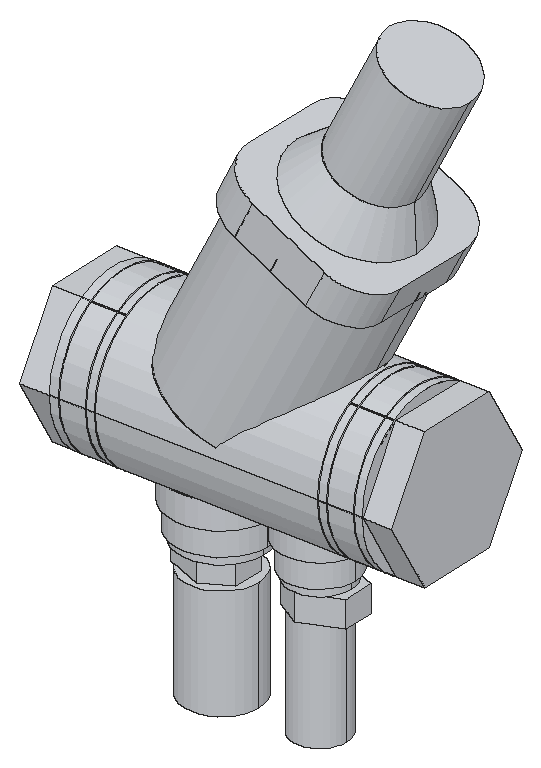
Revit family "Sigma_Compact_DN025_HF_RFA_2018", category Pipe Accessories, Revit 2018
Family settings
  Round Connector Dimension = Use Diameter
  Part Type = Valve - Breaks Into
  Work Plane-Based = No
  Always vertical = Yes
  Cut with Voids When Loaded = No
  Shared = No
Parameters (values of type "Sigma Compact DN 25 HF s měřením")
  magiProductId = "e5e5fa70e5f44115b8324bb7a2a437"
  magiProductFamilyId = "bfb31f54e1b64d079baf8cac8e8d7b"
  magiPartTypeId = 304
  isMeasuringValve [instance] = no
  ang2D [instance] = 0.00°
  Z6 = 27 mm
  Z5 = 63 mm
  Z4 = 54 mm
  Z3 = 9 mm
  Z2 = 45 mm
  XR2 = 25 mm
  XR1 = 13 mm
  W2D = 15 mm
  VersionID = "2.0/2018.12.13.2/FRESE_SIGMA_PLUG_Q13_001"
  Use Minimum Symbol Size [instance] = no
  URL = "www.hydronic.cz"
  Type Comments = "závitový; vnitřní závit; PN25; max dp=400kPa; -10~+120°C; max uzavírací tlak 1MPa"
  R4 = 15 mm
  R3 = 10 mm
  R2 = 18 mm
  R1 = 19 mm
  QmdConnectorList = "301;D;302;D"
  Productdata [instance] = ""
  NL__ve = -NL  # -16.6 mm
  NL = 16.6 mm
  Manufacturer = "Hydronic Systems Prague s.r.o."
  MC Use Limits From Balancing Method = no
  MC Throttling Minimum Value = 0
  MC Throttling Maximum Value = 0
  MC Product Code = "53-2209 DN25 FF s měřením; (137-2400 l/h); kvs=4,2"
  MC Pressure Drop Minimum Value = 0.0 Pa
  MC Pressure Drop Maximum Value = 0.0 Pa
  MC Piping Given Pressure Drop [instance] = 0.0 Pa
  M5 = 34.9 mm
  M4 = 32.9 mm
  M3 = 26.9 mm
  M2 = 24.9 mm
  LP = 41.5 mm
  LM = 49.8 mm
  LL__ve = -LL  # -5.9 mm
  LLT__ve = -LLT  # -16.3 mm
  LLT = 16.3 mm
  LLL = 9 mm
  LL3 = 41 mm
  LL2 = 34 mm
  LL = 5.9 mm
  L3 = 11 mm
  L2D_Min = 30.48 mm
  L2D = 65 mm
  Description = "Automatický vyvažovací ventil"
  DR1 = no
  DR0 = yes
  DL2 = 66 mm
  D = 25 mm
  CenSd_R2_6 = R2 * cos(30.00°)  # 15.588 mm
  CAT0 = yes
  C0D1 = no
  C0D0 = yes
Types (3, lengths in mm): name | magiProductId | Z6 | Z5 | Z4 | Z3 | Z2 | R2 | NL__ve | NL | MC Product Code | M5 | M4 | M3 | M2 | LP | LM | LL__ve | LLT__ve | LLT | LLL | LL2 | LL | D | CenSd_R2_6
  Sigma Compact DN 15 HF s měřením | "5720d023926c42d59d57912da161fc" | 26.1 | 60.9 | 52.2 | 8.7 | 43.5 | 14 | -15 | 15 | "53-2201 DN15 FF s měřením; (60-1080 l/h); kvs=2,6" | 32.5 | 30.5 | 24.5 | 22.5 | 37.5 | 45 | -5.7 | -14.9 | 14.9 | 11 | 32 | 5.7 | 15 | 12.124
  Sigma Compact DN 20 HF s měřením | "71a172a3e93b42a69d546b1c4edcaf" | 26.1 | 60.9 | 52.2 | 8.7 | 43.5 | 14 | -15.8 | 15.8 | "53-2203 DN20 FF s měřením; (102-1930 l/h); kvs=4,0" | 33.7 | 31.7 | 25.7 | 23.7 | 39.5 | 47.4 | -5.7 | -14.9 | 14.9 | 11 | 32 | 5.7 | 20 | 12.124
  Sigma Compact DN 25 HF s měřením | "e5e5fa70e5f44115b8324bb7a2a437" | 27 | 63 | 54 | 9 | 45 | 18 | -16.6 | 16.6 | "53-2209 DN25 FF s měřením; (137-2400 l/h); kvs=4,2" | 34.9 | 32.9 | 26.9 | 24.9 | 41.5 | 49.8 | -5.9 | -16.3 | 16.3 | 9 | 34 | 5.9 | 25 | 15.588
Reference planes
  plane 1 "Center (Front/Back)": y = 0
  plane 2 "XYPLANE": z = 0
  plane 3 "Center (Left/Right)": x = 0
  plane 4 "408": x = 41.5
  plane 5 "407": x = -41.5
  plane 6 "404": z = -35.1
  plane 7 "403": z = -41
  plane 8 "402": z = -66
  plane 9 "213": x = -11
  plane 10 "168": z = -12.3
  plane 11 "167": z = -14.3
  plane 12 "166": z = -20.2
  plane 13 "165": z = -26.1
  plane 14 "164": z = -28.1
  plane 15 "154": z = 0
  plane 16 "152": y = 0
  plane 17 "151": z = -34
  plane 18 "150": x = 11
  plane 19 "75": through (318.218, 0, 679.605) normal (0.891, 0, -0.454)
  plane 20 "74": x = 34.9
  plane 21 "73": x = 32.9
  plane 22 "72": x = 26.9
  plane 23 "71": x = 24.9
  plane 24 "70": x = -34.9
  plane 25 "69": x = -32.9
  plane 26 "68": x = -26.9
  plane 27 "67": y = 0
  plane 28 "66": through (-666.893, 0, 343.166) normal (0.454, 0, 0.891)
  plane 29 "65": x = -24.9
  plane 30 "64": through (335.147, 0, 670.979) normal (0.891, 0, -0.454)
  plane 31 "63": through (-647.825, 0, 380.588) normal (0.454, 0, 0.891)
  plane 32 "62": through (352.076, 0, 662.353) normal (0.891, 0, -0.454)
  plane 33 "61": y = 19
  plane 34 "60": y = -19
  plane 35 "59": through (-643.739, 0, 388.607) normal (0.454, 0, 0.891)
  plane 36 "58": through (-639.653, 0, 396.626) normal (0.454, 0, 0.891)
  plane 37 "56": x = 0
  plane 38 "55": through (-668.255, 0, 340.493) normal (0.454, 0, 0.891)
  plane 39 "102XY": through (-668.255, 0, 340.493) normal (0.454, 0, 0.891)
  plane 40 "102XZ": y = 0
  plane 41 "102YZ": through (340.493, 0, 668.255) normal (0.891, 0, -0.454)
Forms (mm)
  Extrusion 1, solid
    sketch origin (41.5, -750, 0) x (0, 1, 0) y (0, 0, 1)
      loop
        line (768, 0) -> (759, 15.588) -> (741, 15.588) -> (732, 0) -> (741, -15.588) -> (759, -15.588) -> (768, 0)
    from 0 to -16.6 <- "NL__ve"
  Extrusion 2, solid
    sketch origin (-41.5, -750, 0) x (0, 1, 0) y (0, 0, 1)
      loop
        line (732, 0) -> (741, -15.588) -> (759, -15.588) -> (768, 0) -> (759, 15.588) -> (741, 15.588) -> (732, 0)
    from 0 to 16.6 <- "NL"
  Extrusion 3, solid, visible <- "C0D1"
    sketch origin (-750, 0, -66) x (1, 0, 0) y (0, 1, 0)
      loop
        circle (739, 0) r 9.4
    from 0 to 50
  Extrusion 4, solid, visible <- "DR1"
    sketch origin (-750, 0, -35.1) x (1, 0, 0) y (0, 1, 0)
      loop
        line (739, -8) -> (745.928, -4) -> (745.928, 4) -> (739, 8) -> (729.672, 4) -> (729.672, -4) -> (739, -8)
    from 0 to -5.9 <- "LL__ve"
  Extrusion 5, solid, visible <- "DR1"
    sketch origin (-750, 0, -35.1) x (1, 0, 0) y (0, 1, 0)
      loop
        circle (739, 0) r 10.4
    from 0 to 9 <- "LLL"
  Extrusion 6, solid, visible <- "DR1"
    sketch origin (-750, 0, -26.1) x (1, 0, 0) y (0, 1, 0)
      loop
        circle (739, 0) r 11.4
    from 0 to 5.9 <- "LL"
  Extrusion 7, solid, visible <- "DR1"
    sketch origin (-750, 0, -20.2) x (1, 0, 0) y (0, 1, 0)
      loop
        circle (739, 0) r 12.4
    from 0 to 5.9 <- "LL"
  Blend 8, solid, visible <- "DR1"
    base sketch origin (-750, 0, -12.3) x (1, 0, 0) y (0, 1, 0)
      loop
        circle (739, 0) r 9.9
    top sketch origin (-750, 0, -12.3) x (1, 0, 0) y (0, 1, 0)
      loop
        circle (739, 0) r 12.4
    from 0 to -2
  Extrusion 9, solid, visible <- "DR1"
    sketch origin (-750, 0, 0) x (1, 0, 0) y (0, 1, 0)
      loop
        circle (739, 0) r 9.9
    from 0 to -16.3 <- "LLT__ve"
  Extrusion 10, solid, visible <- "C0D0"
    sketch origin (-750, 0, -34) x (1, 0, 0) y (0, 1, 0)
      loop
        circle (739, 0) r 8.4
    from 0 to -25
  Extrusion 11, solid, visible <- "DR0"
    sketch origin (-750, 0, -28.1) x (1, 0, 0) y (0, 1, 0)
      loop
        line (739, -7) -> (745.062, -3.5) -> (745.062, 3.5) -> (739, 7) -> (730.538, 3.5) -> (730.538, -3.5) -> (739, -7)
    from 0 to -5.9 <- "LL__ve"
  Extrusion 12, solid, visible <- "DR0"
    sketch origin (-750, 0, -28.1) x (1, 0, 0) y (0, 1, 0)
      loop
        circle (739, 0) r 9.4
    from 0 to 2
  Extrusion 13, solid, visible <- "DR0"
    sketch origin (-750, 0, -20.2) x (1, 0, 0) y (0, 1, 0)
      loop
        circle (739, 0) r 11.4
    from 0 to 5.9 <- "LL"
  Blend 14, solid, visible <- "DR0"
    base sketch origin (-750, 0, -12.3) x (1, 0, 0) y (0, 1, 0)
      loop
        circle (739, 0) r 8.9
    top sketch origin (-750, 0, -12.3) x (1, 0, 0) y (0, 1, 0)
      loop
        circle (739, 0) r 11.4
    from 0 to -2
  Extrusion 15, solid, visible <- "DR0"
    sketch origin (-750, 0, 0) x (1, 0, 0) y (0, 1, 0)
      loop
        circle (739, 0) r 8.9
    from 0 to -16.3 <- "LLT__ve"
  Extrusion 16, solid, visible <- "DR0"
    sketch origin (-750, 0, 0) x (1, 0, 0) y (0, 1, 0)
      loop
        circle (739, 0) r 8.9
    from 0 to -16.3 <- "LLT__ve"
  Blend 17, solid, visible <- "DR0"
    base sketch origin (-750, 0, -12.3) x (1, 0, 0) y (0, 1, 0)
      loop
        circle (739, 0) r 8.9
    top sketch origin (-750, 0, -12.3) x (1, 0, 0) y (0, 1, 0)
      loop
        circle (739, 0) r 11.4
    from 0 to -2
  Extrusion 18, solid, visible <- "DR0"
    sketch origin (-750, 0, -20.2) x (1, 0, 0) y (0, 1, 0)
      loop
        circle (739, 0) r 11.4
    from 0 to 5.9 <- "LL"
  Extrusion 19, solid, visible <- "DR0"
    sketch origin (-750, 0, -26.1) x (1, 0, 0) y (0, 1, 0)
      loop
        circle (739, 0) r 10.4
    from 0 to 5.9 <- "LL"
  Extrusion 20, solid, visible <- "DR0"
    sketch origin (-750, 0, -28.1) x (1, 0, 0) y (0, 1, 0)
      loop
        circle (739, 0) r 9.4
    from 0 to 2
  Extrusion 21, solid, visible <- "DR0"
    sketch origin (-750, 0, -28.1) x (1, 0, 0) y (0, 1, 0)
      loop
        line (739, -7) -> (745.062, -3.5) -> (745.062, 3.5) -> (739, 7) -> (730.538, 3.5) -> (730.538, -3.5) -> (739, -7)
    from 0 to -5.9 <- "LL__ve"
  Extrusion 22, solid, visible <- "C0D0"
    sketch origin (-750, 0, -34) x (1, 0, 0) y (0, 1, 0)
      loop
        circle (739, 0) r 8.4
    from 0 to -25
  Extrusion 23, solid, visible <- "CAT0"
    sketch origin (-750, 0, -34) x (1, 0, 0) y (0, 1, 0)
      loop
        circle (761, 0) r 6
    from 0 to -25
  Extrusion 24, solid
    sketch origin (-750, 0, -28.1) x (1, 0, 0) y (0, 1, 0)
      loop
        line (761, -7) -> (769.462, -3.5) -> (769.462, 3.5) -> (761, 7) -> (754.938, 3.5) -> (754.938, -3.5) -> (761, -7)
    from 0 to -5.9 <- "LL__ve"
  Extrusion 25, solid
    sketch origin (-750, 0, -28.1) x (1, 0, 0) y (0, 1, 0)
      loop
        circle (761, 0) r 7
    from 0 to 2
  Extrusion 26, solid
    sketch origin (-750, 0, -26.1) x (1, 0, 0) y (0, 1, 0)
      loop
        circle (761, 0) r 8
    from 0 to 5.9 <- "LL"
  Extrusion 27, solid
    sketch origin (-750, 0, -20.2) x (1, 0, 0) y (0, 1, 0)
      loop
        circle (761, 0) r 9
    from 0 to 5.9 <- "LL"
  Blend 28, solid
    base sketch origin (-750, 0, -12.3) x (1, 0, 0) y (0, 1, 0)
      loop
        circle (761, 0) r 6.5
    top sketch origin (-750, 0, -12.3) x (1, 0, 0) y (0, 1, 0)
      loop
        circle (761, 0) r 9
    from 0 to -2
  Extrusion 29, solid
    sketch origin (-750, 0, 0) x (1, 0, 0) y (0, 1, 0)
      loop
        circle (761, 0) r 6.5
    from 0 to -16.3 <- "LLT__ve"
  Blend 30, solid, visible <- "CAT0"
    base sketch origin (32.9, -750, 0) x (0, 1, 0) y (0, 0, 1)
      loop
        circle (750, 0) r 18
    top sketch origin (32.9, -750, 0) x (0, 1, 0) y (0, 0, 1)
      loop
        circle (750, 0) r 18
    from 0 to 2
  Extrusion 31, solid, visible <- "CAT0"
    sketch origin (26.9, -750, 0) x (0, 1, 0) y (0, 0, 1)
      loop
        circle (750, 0) r 18
    from 0 to 6
  Blend 32, solid, visible <- "CAT0"
    base sketch origin (24.9, -750, 0) x (0, 1, 0) y (0, 0, 1)
      loop
        circle (750, 0) r 18
    top sketch origin (24.9, -750, 0) x (0, 1, 0) y (0, 0, 1)
      loop
        circle (750, 0) r 18
    from 0 to 2
  Blend 33, solid, visible <- "CAT0"
    base sketch origin (-32.9, -750, 0) x (0, 1, 0) y (0, 0, 1)
      loop
        circle (750, 0) r 18
    top sketch origin (-32.9, -750, 0) x (0, 1, 0) y (0, 0, 1)
      loop
        circle (750, 0) r 18
    from 0 to -2
  Extrusion 34, solid, visible <- "CAT0"
    sketch origin (-32.9, -750, 0) x (0, 1, 0) y (0, 0, 1)
      loop
        circle (750, 0) r 18
    from 0 to 6
  Blend 35, solid, visible <- "CAT0"
    base sketch origin (-26.9, -750, 0) x (0, 1, 0) y (0, 0, 1)
      loop
        circle (750, 0) r 18
    top sketch origin (-26.9, -750, 0) x (0, 1, 0) y (0, 0, 1)
      loop
        circle (750, 0) r 18
    from 0 to 2
  Extrusion 36, solid, visible <- "CAT0"
    sketch origin (-24.9, -750, 0) x (0, 1, 0) y (0, 0, 1)
      loop
        circle (750, 0) r 18
    from 0 to 49.8 <- "LM"
  Extrusion 37, solid, visible <- "CAT0"
    sketch origin (-666.893, 0, 343.166) x (0.891007, 0, -0.45399) y (0, 1, 0)
      loop
        circle (744, 0) r 19
    from 0 to 45 <- "Z2"
  Extrusion 38, solid, visible <- "CAT0"
    sketch origin (-647.825, 0, 380.588) x (0.891007, 0, -0.45399) y (0, 1, 0)
      loop
        arc (735, 19) -> (727.929, 16.071) -> (725, 9) r 10
        line (725, 9) -> (725, -9)
        arc (725, -9) -> (727.929, -16.071) -> (735, -19) r 10
        line (735, -19) -> (753, -19)
        arc (753, -19) -> (760.071, -16.071) -> (763, -9) r 10
        line (763, -9) -> (763, 9)
        arc (763, 9) -> (760.071, 16.071) -> (753, 19) r 10
        line (753, 19) -> (735, 19)
    from 0 to 9 <- "Z3"
  Blend 39, solid, visible <- "CAT0"
    base sketch origin (-643.739, 0, 388.607) x (0.891007, 0, -0.45399) y (0, 1, 0)
      loop
        circle (744, 0) r 15
    top sketch origin (-643.739, 0, 388.607) x (0.891007, 0, -0.45399) y (0, 1, 0)
      loop
        circle (744, 0) r 10
    from 0 to 9
  Extrusion 40, solid, visible <- "CAT0"
    sketch origin (-639.653, 0, 396.626) x (0.891007, 0, -0.45399) y (0, 1, 0)
      loop
        circle (744, 0) r 10
    from 0 to 27 <- "Z6"
  Blend 41, solid, visible <- "CAT0"
    base sketch origin (-668.255, 0, 340.493) x (0.891007, 0, -0.45399) y (0, 1, 0)
      loop
        circle (744, 0) r 15
    top sketch origin (-668.255, 0, 340.493) x (0.891007, 0, -0.45399) y (0, 1, 0)
      loop
        circle (744, 0) r 19
    from 0 to 3
  Extrusion 42, solid, not visible
    sketch origin (-34.9, -750, 0) x (0, 1, 0) y (0, 0, 1)
      loop
        circle (750, 0) r 10
    from 0 to 10
  Extrusion 43, solid, not visible
    sketch origin (34.9, -750, 0) x (0, 1, 0) y (0, 0, 1)
      loop
        circle (750, 0) r 10
    from 0 to -10
Lines and regions (mm)
  reference lines, not visible
    curve 1: circle (2, 2, 0) r 1 normal (0, 0, 1)
  reference lines
    curve 2: line (41.5, 0, 0) -> (41.5, -3.5, 6.062)
    curve 3: line (41.5, 0, 0) -> (41.5, -7, 0)
    curve 4: line (41.5, 0, 0) -> (41.5, -3.5, -6.062)
    curve 5: line (-41.5, 0, 0) -> (-41.5, 3.5, 6.062)
    curve 6: line (-41.5, 0, 0) -> (-41.5, 7, 0)
    curve 7: line (-41.5, 0, 0) -> (-41.5, 3.5, -6.062)
Dimensions and locks
  plane 1 "Center (Front/Back)" to curve 1 = 2 mm
  "LP": plane 37 "56" to plane 4 "408"
  "LP": plane 37 "56" to plane 5 "407"
  "LL": plane 7 "403" to plane 6 "404"
  "LL3": plane 2 "XYPLANE" to plane 7 "403"
  "DL2": plane 2 "XYPLANE" to plane 8 "402"
  "L3": plane 3 "Center (Left/Right)" to plane 9 "213"
  locked: plane 11 "167" to plane 10 "168" at 2
  "LL": plane 12 "166" to plane 11 "167"
  "LL": plane 13 "165" to plane 12 "166"
  locked: plane 14 "164" to plane 13 "165" at 2
  "LL": plane 17 "151" to plane 14 "164"
  locked: plane 2 "XYPLANE" to plane 15 "154"
  locked: plane 1 "Center (Front/Back)" to plane 16 "152"
  "LL2": plane 2 "XYPLANE" to plane 17 "151"
  "L3": plane 3 "Center (Left/Right)" to plane 18 "150"
  "XR2": plane 41 "102YZ" to plane 19 "75"
  "M5": plane 3 "Center (Left/Right)" to plane 20 "74"
  "M4": plane 3 "Center (Left/Right)" to plane 21 "73"
  "M3": plane 3 "Center (Left/Right)" to plane 22 "72"
  "M2": plane 3 "Center (Left/Right)" to plane 23 "71"
  "M5": plane 3 "Center (Left/Right)" to plane 24 "70"
  "M4": plane 3 "Center (Left/Right)" to plane 25 "69"
  "M3": plane 3 "Center (Left/Right)" to plane 26 "68"
  locked: plane 16 "152" to plane 27 "67"
  locked: plane 39 "102XY" to plane 28 "66" at 3
  "M2": plane 3 "Center (Left/Right)" to plane 29 "65"
  locked: plane 41 "102YZ" to plane 30 "64" at 6
  "Z2": plane 39 "102XY" to plane 31 "63"
  "XR1": plane 41 "102YZ" to plane 32 "62"
  "R1": plane 16 "152" to plane 33 "61"
  "R1": plane 16 "152" to plane 34 "60"
  "Z4": plane 39 "102XY" to plane 35 "59"
  "Z5": plane 39 "102XY" to plane 36 "58"
  locked: plane 3 "Center (Left/Right)" to plane 37 "56"
  locked: plane 39 "102XY" to plane 38 "55"
  "CenSd_R2_6": curve 2 to Extrusion 1 sketch curve  (x2)
  "CenSd_R2_6": curve 3 to Extrusion 1 sketch curve  (x2)
  "CenSd_R2_6": curve 4 to Extrusion 1 sketch curve  (x2)
  Extrusion 1 sketch curve to Extrusion 1 sketch curve = 0 mm  (x12)
  "CenSd_R2_6": curve 5 to Extrusion 2 sketch curve  (x2)
  "CenSd_R2_6": curve 6 to Extrusion 2 sketch curve  (x2)
  "CenSd_R2_6": curve 7 to Extrusion 2 sketch curve  (x2)
  Extrusion 2 sketch curve to Extrusion 2 sketch curve = 0 mm  (x12)
  Extrusion 4 sketch curve to Extrusion 4 sketch curve = 0 mm  (x12)
  Extrusion 11 sketch curve to Extrusion 11 sketch curve = 0 mm  (x12)
  Extrusion 21 sketch curve to Extrusion 21 sketch curve = 0 mm  (x12)
  Extrusion 24 sketch curve to Extrusion 24 sketch curve = 0 mm  (x12)
  Extrusion 38 sketch curve to Extrusion 38 sketch curve = 0 mm  (x16)
  "R2": radius of Blend 30 sketch curve  (x2)
  "R2": radius of Extrusion 31 sketch curve
  "R2": radius of Blend 32 sketch curve  (x2)
  "R2": radius of Blend 33 sketch curve  (x2)
  "R2": radius of Extrusion 34 sketch curve
  "R2": radius of Blend 35 sketch curve  (x2)
  "R2": radius of Extrusion 36 sketch curve
  "R1": radius of Extrusion 37 sketch curve
  radius of Extrusion 38 sketch curve = 10 mm  (x4)
  "R3": radius of Blend 39 sketch curve
  "R4": radius of Blend 39 sketch curve
  "R3": radius of Extrusion 40 sketch curve
  "R1": radius of Blend 41 sketch curve
  locked: curve 3 to curve 2 (angle 60.00°)
  locked: curve 4 to curve 3 (angle 60.00°)
  locked: curve 4 to curve 2 (angle 120.00°)
  locked: curve 6 to curve 5 (angle 60.00°)
  locked: curve 7 to curve 6 (angle 60.00°)
  locked: curve 7 to curve 5 (angle 120.00°)
  aligned and locked: level to plane 2 "XYPLANE"
  aligned and locked: plane 15 "154" to curve 4
  aligned and locked: curve 4 to plane 16 "152"
  aligned and locked: plane 15 "154" to curve 7
  aligned and locked: curve 7 to plane 16 "152"
  aligned and locked: plane 9 "213" to Extrusion 3 sketch curve
  aligned and locked: plane 16 "152" to Extrusion 3 sketch curve
  aligned and locked: plane 9 "213" to Extrusion 5 sketch curve
  aligned and locked: plane 16 "152" to Extrusion 5 sketch curve
  aligned and locked: plane 9 "213" to Extrusion 6 sketch curve
  aligned and locked: plane 16 "152" to Extrusion 6 sketch curve
  aligned and locked: plane 9 "213" to Extrusion 7 sketch curve
  aligned and locked: plane 16 "152" to Extrusion 7 sketch curve
  aligned and locked: plane 9 "213" to Blend 8 sketch curve  (x2)
  aligned and locked: plane 16 "152" to Blend 8 sketch curve  (x2)
  aligned and locked: Blend 8 to plane 11 "167"
  aligned and locked: plane 9 "213" to Extrusion 9 sketch curve
  aligned and locked: plane 16 "152" to Extrusion 9 sketch curve
  aligned and locked: plane 9 "213" to Extrusion 10 sketch curve
  aligned and locked: plane 16 "152" to Extrusion 10 sketch curve
  aligned and locked: plane 9 "213" to Extrusion 12 sketch curve
  aligned and locked: plane 16 "152" to Extrusion 12 sketch curve
  aligned and locked: plane 9 "213" to Extrusion 13 sketch curve
  aligned and locked: plane 16 "152" to Extrusion 13 sketch curve
  aligned and locked: plane 9 "213" to Blend 14 sketch curve  (x2)
  aligned and locked: plane 16 "152" to Blend 14 sketch curve  (x2)
  aligned and locked: Blend 14 to plane 11 "167"
  aligned and locked: plane 9 "213" to Extrusion 15 sketch curve
  aligned and locked: plane 16 "152" to Extrusion 15 sketch curve
  aligned and locked: plane 9 "213" to Extrusion 16 sketch curve
  aligned and locked: plane 16 "152" to Extrusion 16 sketch curve
  aligned and locked: plane 9 "213" to Blend 17 sketch curve  (x2)
  aligned and locked: plane 16 "152" to Blend 17 sketch curve  (x2)
  aligned and locked: Blend 17 to plane 11 "167"
  aligned and locked: plane 9 "213" to Extrusion 18 sketch curve
  aligned and locked: plane 16 "152" to Extrusion 18 sketch curve
  aligned and locked: plane 9 "213" to Extrusion 19 sketch curve
  aligned and locked: plane 16 "152" to Extrusion 19 sketch curve
  aligned and locked: plane 9 "213" to Extrusion 20 sketch curve
  aligned and locked: plane 16 "152" to Extrusion 20 sketch curve
  aligned and locked: plane 9 "213" to Extrusion 22 sketch curve
  aligned and locked: plane 16 "152" to Extrusion 22 sketch curve
  aligned and locked: plane 16 "152" to Extrusion 23 sketch curve
  aligned and locked: plane 18 "150" to Extrusion 23 sketch curve
  aligned and locked: plane 16 "152" to Extrusion 25 sketch curve
  aligned and locked: plane 18 "150" to Extrusion 25 sketch curve
  aligned and locked: plane 16 "152" to Extrusion 26 sketch curve
  aligned and locked: plane 18 "150" to Extrusion 26 sketch curve
  aligned and locked: plane 16 "152" to Extrusion 27 sketch curve
  aligned and locked: plane 18 "150" to Extrusion 27 sketch curve
  aligned and locked: plane 16 "152" to Blend 28 sketch curve  (x2)
  aligned and locked: plane 18 "150" to Blend 28 sketch curve  (x2)
  aligned and locked: Blend 28 to plane 11 "167"
  aligned and locked: plane 16 "152" to Extrusion 29 sketch curve
  aligned and locked: plane 18 "150" to Extrusion 29 sketch curve
  aligned and locked: plane 15 "154" to Blend 30 sketch curve  (x2)
  aligned and locked: Blend 30 sketch curve to plane 16 "152"  (x2)
  aligned and locked: plane 20 "74" to Blend 30
  aligned and locked: plane 15 "154" to Extrusion 31 sketch curve
  aligned and locked: Extrusion 31 sketch curve to plane 16 "152"
  aligned and locked: plane 15 "154" to Blend 32 sketch curve  (x2)
  aligned and locked: Blend 32 sketch curve to plane 16 "152"  (x2)
  aligned and locked: plane 22 "72" to Blend 32
  aligned and locked: plane 15 "154" to Blend 33 sketch curve  (x2)
  aligned and locked: Blend 33 sketch curve to plane 16 "152"  (x2)
  aligned and locked: Blend 33 to plane 24 "70"
  aligned and locked: plane 15 "154" to Extrusion 34 sketch curve
  aligned and locked: Extrusion 34 sketch curve to plane 16 "152"
  aligned and locked: plane 15 "154" to Blend 35 sketch curve  (x2)
  aligned and locked: Blend 35 sketch curve to plane 16 "152"  (x2)
  aligned and locked: plane 29 "65" to Blend 35
  aligned and locked: plane 15 "154" to Extrusion 36 sketch curve
  aligned and locked: Extrusion 36 sketch curve to plane 16 "152"
  aligned and locked: plane 27 "67" to Extrusion 37 sketch curve
  aligned and locked: Extrusion 37 sketch curve to plane 30 "64"
  aligned and locked: Extrusion 38 sketch curve to plane 19 "75"
  aligned and locked: Extrusion 38 sketch curve to plane 34 "60"
  aligned and locked: Extrusion 38 sketch curve to plane 32 "62"
  aligned and locked: plane 33 "61" to Extrusion 38 sketch curve
  aligned and locked: plane 27 "67" to Blend 39 sketch curve  (x2)
  aligned and locked: Blend 39 sketch curve to plane 30 "64"  (x2)
  aligned and locked: plane 36 "58" to Blend 39
  aligned and locked: plane 27 "67" to Extrusion 40 sketch curve
  aligned and locked: Extrusion 40 sketch curve to plane 30 "64"
  aligned and locked: plane 27 "67" to Blend 41 sketch curve  (x2)
  aligned and locked: Blend 41 sketch curve to plane 30 "64"  (x2)
  aligned and locked: plane 28 "66" to Blend 41
  aligned and locked: plane 15 "154" to Extrusion 42 sketch curve
  aligned and locked: Extrusion 42 sketch curve to plane 16 "152"
  aligned and locked: plane 15 "154" to Extrusion 43 sketch curve
  aligned and locked: Extrusion 43 sketch curve to plane 16 "152"
Automatic sketch dimensions
  plane 29 "65" to Extrusion 3 sketch curve = 4.5 mm
  Extrusion 4 sketch curve to plane 9 "213" = 0 mm  (x2)
  plane 29 "65" to Extrusion 4 sketch curve = 4.572 mm
  Extrusion 4 sketch curve to plane 3 "Center (Left/Right)" = 4.072 mm
  plane 1 "Center (Front/Back)" to Extrusion 4 sketch curve = 8 mm
  plane 1 "Center (Front/Back)" to Extrusion 4 sketch curve = 4 mm  (x2)
  Extrusion 4 sketch curve to plane 1 "Center (Front/Back)" = 4 mm  (x2)
  Extrusion 4 sketch curve to Extrusion 4 sketch curve = 4 mm
  plane 29 "65" to Extrusion 5 sketch curve = 3.5 mm
  plane 29 "65" to Extrusion 6 sketch curve = 2.5 mm
  plane 29 "65" to Extrusion 7 sketch curve = 1.5 mm
  plane 29 "65" to Blend 8 sketch curve = 4 mm
  plane 29 "65" to Blend 8 sketch curve = 1.5 mm
  plane 29 "65" to Extrusion 9 sketch curve = 4 mm
  plane 29 "65" to Extrusion 10 sketch curve = 5.5 mm
  Extrusion 11 sketch curve to plane 9 "213" = 0 mm  (x2)
  plane 29 "65" to Extrusion 11 sketch curve = 5.438 mm
  Extrusion 11 sketch curve to plane 3 "Center (Left/Right)" = 4.938 mm
  plane 1 "Center (Front/Back)" to Extrusion 11 sketch curve = 7 mm
  plane 1 "Center (Front/Back)" to Extrusion 11 sketch curve = 3.5 mm  (x2)
  Extrusion 11 sketch curve to plane 1 "Center (Front/Back)" = 3.5 mm  (x2)
  Extrusion 11 sketch curve to Extrusion 11 sketch curve = 3.5 mm
  plane 29 "65" to Extrusion 12 sketch curve = 4.5 mm
  plane 29 "65" to Extrusion 13 sketch curve = 2.5 mm
  plane 29 "65" to Blend 14 sketch curve = 5 mm
  plane 29 "65" to Blend 14 sketch curve = 2.5 mm
  plane 29 "65" to Extrusion 15 sketch curve = 5 mm
  plane 29 "65" to Extrusion 16 sketch curve = 5 mm
  plane 29 "65" to Blend 17 sketch curve = 5 mm
  plane 29 "65" to Blend 17 sketch curve = 2.5 mm
  plane 29 "65" to Extrusion 18 sketch curve = 2.5 mm
  plane 29 "65" to Extrusion 19 sketch curve = 3.5 mm
  plane 29 "65" to Extrusion 20 sketch curve = 4.5 mm
  Extrusion 21 sketch curve to plane 9 "213" = 0 mm  (x2)
  plane 29 "65" to Extrusion 21 sketch curve = 5.438 mm
  Extrusion 21 sketch curve to plane 3 "Center (Left/Right)" = 4.938 mm
  plane 1 "Center (Front/Back)" to Extrusion 21 sketch curve = 7 mm
  plane 1 "Center (Front/Back)" to Extrusion 21 sketch curve = 3.5 mm  (x2)
  Extrusion 21 sketch curve to plane 1 "Center (Front/Back)" = 3.5 mm  (x2)
  Extrusion 21 sketch curve to Extrusion 21 sketch curve = 3.5 mm
  plane 29 "65" to Extrusion 22 sketch curve = 5.5 mm
  plane 3 "Center (Left/Right)" to Extrusion 23 sketch curve = 5 mm
  Extrusion 24 sketch curve to plane 18 "150" = 0 mm  (x2)
  plane 3 "Center (Left/Right)" to Extrusion 24 sketch curve = 4.938 mm
  Extrusion 24 sketch curve to plane 23 "71" = 5.438 mm
  plane 1 "Center (Front/Back)" to Extrusion 24 sketch curve = 7 mm
  plane 1 "Center (Front/Back)" to Extrusion 24 sketch curve = 3.5 mm  (x2)
  Extrusion 24 sketch curve to plane 1 "Center (Front/Back)" = 3.5 mm  (x2)
  Extrusion 24 sketch curve to Extrusion 24 sketch curve = 3.5 mm
  plane 3 "Center (Left/Right)" to Extrusion 25 sketch curve = 4 mm
  plane 3 "Center (Left/Right)" to Extrusion 26 sketch curve = 3 mm
  plane 3 "Center (Left/Right)" to Extrusion 27 sketch curve = 2 mm
  plane 3 "Center (Left/Right)" to Blend 28 sketch curve = 4.5 mm
  plane 3 "Center (Left/Right)" to Blend 28 sketch curve = 2 mm
  plane 3 "Center (Left/Right)" to Extrusion 29 sketch curve = 4.5 mm
  plane 19 "75" to Blend 41 sketch curve = 4 mm
  plane 34 "60" to Extrusion 42 sketch curve = 9 mm
  plane 34 "60" to Extrusion 43 sketch curve = 9 mm
  plane 3 "Center (Left/Right)" to curve 1 = 2 mm
  radius of curve 1 = 1 mm
Connectors
  piping at (-34.9, 0, 0), diameter 25, driven by "D"
    settings: on Extrusion 42, index 1, connector inside diameter 609.6 mm, connector length 0 mm, flow factor 0, pipe flow 0.0 L/s, pressure drop 0.0 Pa, fitting loss kfactor 0, connector angle 0.00°, fixture units 0, engagement length 0 mm, angle of deflection 0.00°, flow configuration 0, flow direction 0, fitting loss method 0, system type 29, joint type 0, gender type 0, connector reference index 2, connector utility 0, adjustable connector no, is connector primary yes, connector description ""
  piping at (34.9, 0, 0), diameter 25, driven by "D"
    settings: on Extrusion 43, index 2, connector inside diameter 609.6 mm, connector length 0 mm, flow factor 0, pipe flow 0.0 L/s, pressure drop 0.0 Pa, fitting loss kfactor 0, connector angle 0.00°, fixture units 0, engagement length 0 mm, angle of deflection 0.00°, flow configuration 0, flow direction 0, fitting loss method 0, system type 29, joint type 0, gender type 0, connector reference index 1, connector utility 0, adjustable connector no, is connector primary no, connector description ""
